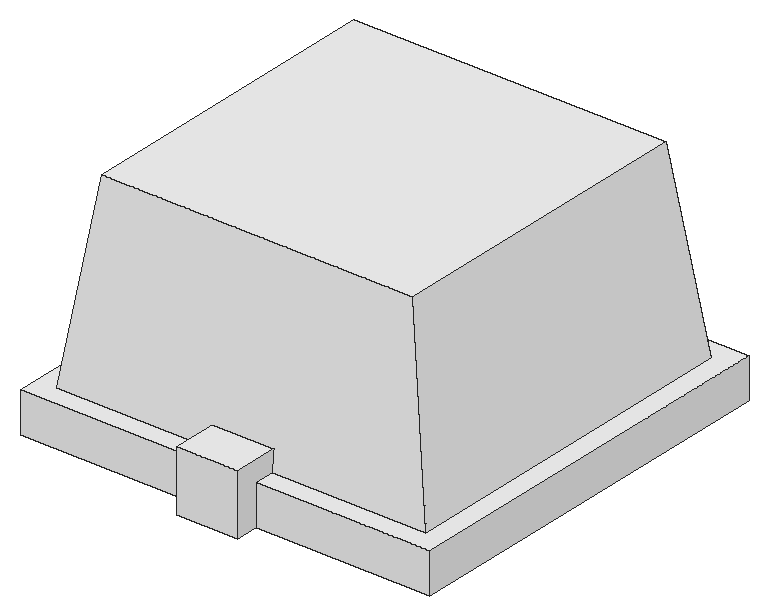
Revit family "Wall-Plate_Leviton_Raintight-while-in-use", category Specialty Equipment, Revit 2026
Family settings
  Round Connector Dimension = Use Diameter
  Part Type = Normal
  Work Plane-Based = Yes
  Enable Cutting in Views = No
  Always vertical = No
  Cut with Voids When Loaded = No
  Maintain Annotation Orientation = No
  Shared = No
  Room Calculation Point = No
Parameters
  offset [instance] = 0' - 0"
  Warranty Duration (Years) = 0
  Wall Plate Finish = Thermoplastic - Leviton - White
  Voltage_MEP = 0 V
  Unit Width = 0' - 5 13/256"
  Unit Height = 0' - 5 59/128"
  Unit Depth = 0' - 2 7/8"
  URL = "http://www.leviton.com/OA_HTML/Home.jsp?minisite=10251&respid=22372"
  Termination = "as Specified"
  Standard Size = yes
  Specification = ""
  SpecWizard = ""
  Send Message = "http://www.arcat.com/users.pl?action=UserEmail&company=Leviton+Mfg.+Co.,+Inc.&coid=41690&rep=117&fax=631-812-6252&mf="
  Sales Information = "http://www.leviton.com/OA_HTML/SectionDisplay.jsp?section=37579&minisite=10251"
  Revision = "R1_10-2012"
  Product Properties = ""
  Product Data = "http://arcat.com/arcatcos/cos41/arc41690.html?isac=1&r=1"
  Oversized = yes
  One Gang = yes
  Number of Poles = 1
  Model = "As Specified"
  Midway Size = yes
  Manufacturer Website = "http://www.leviton.com/OA_HTML/Home.jsp?minisite=10251&respid=22372"
  Manufacturer Phone - Toll Free = "800-323-8920"
  Manufacturer Phone = ""
  Manufacturer Fax = "631-812-6252"
  Manufacturer Address = "201 N. Service Rd. Melville, NY 11747"
  Manufacturer = "Leviton Mfg. Co., Inc."
  Maintenance Schedule (Months) = 0
  MEP Apparent Power = 0 VA
  MEP Amperage = 0 A
  Keynote = "16140"
  Installation-Fabrication = ""
  Installation Phase = "Electrical Wiring"
  Grounding = "as Specified"
  Green Building-LEED = ""
  Expected Lifespan (Years) = 0
  Drawn By = "Sumex Design, Inc. / Robert S. Weygant, CSI, CDT, SCIP"
  Description = "Leviton Product as Specified"
  Default Elevation = 4' - 0"
  Copyright = "©Arcat Inc."
  Construction Details = ""
  Assembly Code = "D5020100"
Reference planes (in)
  plane 1 "Center (Front/Back)": y = 0
  plane 2 "Bottom": z = 0
  plane 3 "Center (Left/Right)": x = 0
  plane 4 "Front": y = -2.73047
  plane 5 "Back": y = 2.73047
  plane 6 "Left": x = -2.52539
  plane 7 "Right": x = 2.52539
  plane 8 "Top": z = 2.875
  plane 9: x = -0.203
  plane 10: x = 0
  plane 11: x = 0.203
Forms (in)
  Extrusion 1, solid, material "Thermoplastic - Leviton - White" <- "Wall Plate Finish"
    sketch origin (0, 0, 0) x (0, -1, 0) y (1, 0, 0)
      loop
        line (-2.45508, 2.52539) -> (-2.45508, -2.52539) -> (2.45508, -2.52539) -> (2.45508, 2.52539) -> (-2.45508, 2.52539)
    from 0 to 0.5
  Extrusion 2, solid, material "Thermoplastic - Leviton - White" <- "Wall Plate Finish"
    sketch origin (0, -0.46662, 0) x (0, 1, 0) y (0, 0, 1)
      loop
        line (2.15163, 1.31155) -> (2.15163, 0.31155) -> (3.19709, 0.31155) -> (3.19709, 1.31155) -> (2.15163, 1.31155)
    from -0.75 to 0.75
  Blend 3, solid, material "Thermoplastic - Leviton - White" <- "Wall Plate Finish"
    base sketch origin (0.76953, -0.03446, 0) x (1, 0, 0) y (0, 1, 0)
      loop
        line (-3.04492, 2.22) -> (-3.04492, -2.17062) -> (1.50586, -2.17062) -> (1.50586, 2.22) -> (-3.04492, 2.22)
    top sketch origin (0.76953, -0.03446, 0) x (1, 0, 0) y (0, 1, 0)
      loop
        line (1.1499, 1.97) -> (-2.68896, 1.97) -> (-2.68896, -1.92062) -> (1.1499, -1.92062) -> (1.1499, 1.97)
    from 0.5 to 2.875
  Extrusion 4, solid, material "Thermoplastic - Leviton - White" <- "Wall Plate Finish"
    sketch origin (0, 0.43183, 0) x (0, 1, 0) y (0, 0, 1)
      loop
        line (-2.25746, 0) -> (-2.25746, 0.75) -> (-3.1623, 0.75) -> (-3.1623, 0) -> (-2.25746, 0)
    from -0.375 to 0.375
Dimensions and locks (in)
  equal spacing: plane 6 "Left", plane 3 "Center (Left/Right)", plane 7 "Right"
  "Unit Width": plane 6 "Left" to plane 7 "Right"
  equal spacing: plane 5 "Back", plane 1 "Center (Front/Back)", plane 4 "Front"
  "Unit Height": plane 5 "Back" to plane 4 "Front"
  "Unit Depth": plane 8 "Top" to level
  equal spacing: plane 9, plane 10, plane 11
  locked: plane 9 to plane 11 at 0.406
  locked: plane 6 "Left" to Blend 3 sketch curve at 0.25
  locked: Blend 3 sketch curve to plane 7 "Right" at 0.25
  locked: Blend 3 sketch curve to plane 4 "Front" at 0.52539
  locked: plane 5 "Back" to Blend 3 sketch curve at 0.54492
  locked: plane 6 "Left" to Blend 3 sketch curve at 0.60596
  locked: Blend 3 sketch curve to plane 7 "Right" at 0.60596
  locked: plane 5 "Back" to Blend 3 sketch curve at 0.79492
  locked: Blend 3 sketch curve to plane 4 "Front" at 0.77539
  aligned and locked: plane 3 "Center (Left/Right)" to plane 10
  aligned and locked: plane 6 "Left" to Extrusion 1 sketch curve
  aligned and locked: Extrusion 1 sketch curve to plane 7 "Right"
Automatic sketch dimensions
  Extrusion 2 sketch curve to Extrusion 2 sketch curve = 0' - 1.04547"
  level to Extrusion 2 sketch curve = 0' - 0.31155"
  Extrusion 2 sketch curve to Extrusion 2 sketch curve = 0' - 1"
  Extrusion 4 sketch curve to level = 0' - 0"
  Extrusion 4 sketch curve to Extrusion 4 sketch curve = 0' - 0 3/4"
  Extrusion 2 sketch curve to plane 5 "Back" = 0' - 1.04547"
  Extrusion 4 sketch curve to plane 4 "Front" = 0' - 0"
  plane 4 "Front" to Extrusion 4 sketch curve = 0' - 0.90484"
  Extrusion 1 sketch curve to plane 5 "Back" = 0' - 0.27539"
  plane 4 "Front" to Extrusion 1 sketch curve = 0' - 0.27539"
